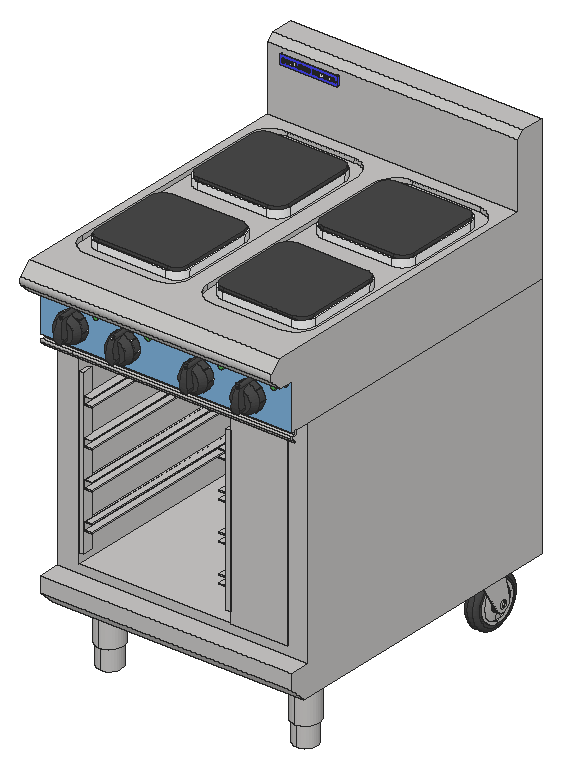
Revit family "QF_Moffat_E514S-CB_Electric_Cooktop_cat", category Specialty Equipment, Revit 2019 (continued)
Definition of nested family "QF_LOGO_BLue Seal"
  Forms (mm)
    Extrusion 2, solid
      sketch origin (0, 0, 0) x (1, 0, 0) y (0, 0, 1)
        loop
          line (106.404, 14.317) -> (106.404, 8.169)
          arc (106.404, 8.169) -> (106.697, 7.461) -> (107.404, 7.169) r 1
          line (107.404, 7.169) -> (111.34, 7.169)
          arc (111.34, 7.169) -> (112.047, 7.461) -> (112.34, 8.169) r 1
          line (112.34, 8.169) -> (112.34, 9.135) -> (115.1, 9.135) -> (115.1, 8.169)
          arc (115.1, 8.169) -> (115.393, 7.461) -> (116.1, 7.169) r 1
          line (116.1, 7.169) -> (119.975, 7.169)
        loop
          arc (122.692, 8.169) -> (122.985, 7.461) -> (123.692, 7.169) r 1
          line (123.692, 7.169) -> (133.067, 7.169)
          arc (133.067, 7.169) -> (134.076, 8.178) -> (133.067, 9.188) r 1.01
          line (133.067, 9.188) -> (128.479, 9.188) -> (128.479, 14.317)
          arc (128.479, 14.317) -> (128.186, 15.024) -> (127.479, 15.317) r 1
          line (127.479, 15.317) -> (123.692, 15.317)
          arc (123.692, 15.317) -> (122.985, 15.024) -> (122.692, 14.317) r 1
          line (122.692, 14.317) -> (122.692, 8.169)
        loop
          line (8.019, 7.227) -> (8.019, 15.172)
          arc (8.019, 15.172) -> (4.133, 11.2) -> (8.019, 7.227) r 3.973
      from 0 to 3.2
    Extrusion 3, solid
      sketch origin (0, 0, 0) x (1, 0, 0) y (0, 0, 1)
        loop
          line (8.289, 15.169) -> (8.289, 7.231)
          arc (8.289, 7.231) -> (12.08, 11.2) -> (8.289, 15.169) r 3.973
      from 0 to 3.2
    Extrusion 4, solid
      sketch origin (16.271, 0, 0) x (-1, 0, 0) y (0, 0, -1)
        loop
          arc (8.252, -15.172) -> (12.138, -11.2) -> (8.252, -7.227) r 3.973
          line (8.252, -7.227) -> (8.252, -15.172)
      from 0 to 3.2
  Dimensions and locks
    equal spacing: plane 3 "LEFT", plane 7 "Center Y", plane 4 "RIGHT"
    "Length": plane 3 "LEFT" to plane 4 "RIGHT"
    equal spacing: plane 5 "FRONT", plane 8 "Center X", plane 1 "BACK"
    "Depth": plane 5 "FRONT" to plane 1 "BACK"
    "Height": plane 6 "TOP" to level
    plane 4 "RIGHT" to plane 3 "LEFT" = 138 mm
    aligned and locked: level to plane 2
  Automatic sketch dimensions
    Extrusion 1 sketch curve to Extrusion 1 sketch curve = 0 mm  (x12)
    Extrusion 1 sketch curve to plane 3 "LEFT" = 0 mm
    Extrusion 1 sketch curve to level = 0 mm
    Extrusion 1 sketch curve to plane 6 "TOP" = 0 mm
    plane 4 "RIGHT" to Extrusion 1 sketch curve = 0 mm
    plane 3 "LEFT" to Extrusion 1 sketch curve = 2 mm
    Extrusion 1 sketch curve to Extrusion 1 sketch curve = 2 mm
    plane 3 "LEFT" to Extrusion 1 sketch curve = 8.135 mm
    Extrusion 1 sketch curve to Extrusion 1 sketch curve = 7.524 mm
    Extrusion 1 sketch curve to Extrusion 1 sketch curve = 0.965 mm
    Extrusion 1 sketch curve to Extrusion 1 sketch curve = 1 mm  (x22)
    Extrusion 1 sketch curve to Extrusion 1 sketch curve = 4.503 mm
    Extrusion 1 sketch curve to Extrusion 1 sketch curve = 2.434 mm  (x2)
    Extrusion 1 sketch curve to Extrusion 1 sketch curve = 4.362 mm
    Extrusion 1 sketch curve to Extrusion 1 sketch curve = 3.517 mm
    Extrusion 1 sketch curve to Extrusion 1 sketch curve = 3.787 mm  (x2)
    Extrusion 1 sketch curve to Extrusion 1 sketch curve = 4.787 mm
    Extrusion 1 sketch curve to Extrusion 1 sketch curve = 4.588 mm
    Extrusion 1 sketch curve to Extrusion 1 sketch curve = 1.798 mm
    Extrusion 1 sketch curve to Extrusion 1 sketch curve = 1.956 mm  (x2)
    Extrusion 1 sketch curve to Extrusion 1 sketch curve = 3.735 mm
    Extrusion 1 sketch curve to Extrusion 1 sketch curve = 3.779 mm
    Extrusion 1 sketch curve to Extrusion 1 sketch curve = 1.146 mm
    Extrusion 1 sketch curve to Extrusion 1 sketch curve = 3.631 mm
    Extrusion 1 sketch curve to Extrusion 1 sketch curve = 3.713 mm
    Extrusion 1 sketch curve to Extrusion 1 sketch curve = 0.959 mm
    Extrusion 1 sketch curve to Extrusion 1 sketch curve = 1.688 mm
    Extrusion 1 sketch curve to plane 7 "Center Y" = 3.94 mm
    plane 7 "Center Y" to Extrusion 1 sketch curve = 0.777 mm
    plane 7 "Center Y" to Extrusion 1 sketch curve = 0.845 mm
    plane 7 "Center Y" to Extrusion 1 sketch curve = 0.988 mm
    Extrusion 1 sketch curve to Extrusion 1 sketch curve = 7.327 mm
    Extrusion 1 sketch curve to Extrusion 1 sketch curve = 4.556 mm
    Extrusion 1 sketch curve to Extrusion 1 sketch curve = 3.087 mm
    Extrusion 1 sketch curve to Extrusion 1 sketch curve = 4.657 mm  (x2)
    Extrusion 1 sketch curve to Extrusion 1 sketch curve = 0.004 mm
    Extrusion 1 sketch curve to Extrusion 1 sketch curve = 0.996 mm  (x2)
    Extrusion 1 sketch curve to Extrusion 1 sketch curve = 1.402 mm
    Extrusion 1 sketch curve to Extrusion 1 sketch curve = 5.025 mm
    Extrusion 1 sketch curve to Extrusion 1 sketch curve = 4.717 mm
    Extrusion 1 sketch curve to Extrusion 1 sketch curve = 4.785 mm
    Extrusion 1 sketch curve to Extrusion 1 sketch curve = 0.211 mm
    Extrusion 1 sketch curve to Extrusion 1 sketch curve = 2.645 mm
    Extrusion 1 sketch curve to Extrusion 1 sketch curve = 3.936 mm
    Extrusion 1 sketch curve to Extrusion 1 sketch curve = 0.5 mm  (x2)
    Extrusion 1 sketch curve to Extrusion 1 sketch curve = 1.76 mm
    Extrusion 1 sketch curve to Extrusion 1 sketch curve = 2.76 mm
    Extrusion 1 sketch curve to Extrusion 1 sketch curve = 4.875 mm
    Extrusion 1 sketch curve to Extrusion 1 sketch curve = 3.875 mm
    Extrusion 1 sketch curve to Extrusion 1 sketch curve = 1.717 mm
    plane 4 "RIGHT" to Extrusion 1 sketch curve = 4.933 mm
    plane 4 "RIGHT" to Extrusion 1 sketch curve = 2 mm  (x2)
    level to Extrusion 1 sketch curve = 7.169 mm  (x5)
    Extrusion 1 sketch curve to Extrusion 1 sketch curve = 5.169 mm
    Extrusion 1 sketch curve to Extrusion 1 sketch curve = 0.983 mm  (x2)
    Extrusion 1 sketch curve to Extrusion 1 sketch curve = 1.01 mm  (x2)
    Extrusion 1 sketch curve to Extrusion 1 sketch curve = 0.376 mm
    Extrusion 1 sketch curve to Extrusion 1 sketch curve = 0.588 mm
    Extrusion 1 sketch curve to Extrusion 1 sketch curve = 0.966 mm
    Extrusion 1 sketch curve to Extrusion 1 sketch curve = 2.037 mm  (x2)
    Extrusion 1 sketch curve to Extrusion 1 sketch curve = 0.772 mm  (x2)
    Extrusion 1 sketch curve to Extrusion 1 sketch curve = 0.952 mm
    Extrusion 1 sketch curve to Extrusion 1 sketch curve = 1.046 mm
    Extrusion 1 sketch curve to Extrusion 1 sketch curve = 1.28 mm  (x2)
    Extrusion 1 sketch curve to Extrusion 1 sketch curve = 1.878 mm
    Extrusion 1 sketch curve to Extrusion 1 sketch curve = 2.905 mm
    Extrusion 1 sketch curve to Extrusion 1 sketch curve = 3.031 mm
    Extrusion 1 sketch curve to Extrusion 1 sketch curve = 0.84 mm  (x2)
    Extrusion 1 sketch curve to Extrusion 1 sketch curve = 2.448 mm
    Extrusion 1 sketch curve to Extrusion 1 sketch curve = 2.202 mm
    Extrusion 1 sketch curve to Extrusion 1 sketch curve = 0.786 mm
    Extrusion 1 sketch curve to Extrusion 1 sketch curve = 1.332 mm
    Extrusion 1 sketch curve to Extrusion 1 sketch curve = 1.12 mm  (x2)
    Extrusion 1 sketch curve to Extrusion 1 sketch curve = 1.716 mm
    Extrusion 1 sketch curve to Extrusion 1 sketch curve = 1.051 mm  (x2)
    Extrusion 1 sketch curve to Extrusion 1 sketch curve = 4.147 mm
    Extrusion 1 sketch curve to Extrusion 1 sketch curve = 5.129 mm
    Extrusion 1 sketch curve to Extrusion 1 sketch curve = 0.051 mm
    Extrusion 1 sketch curve to Extrusion 1 sketch curve = 1.037 mm
    Extrusion 1 sketch curve to Extrusion 1 sketch curve = 0.516 mm
    plane 3 "LEFT" to Extrusion 1 sketch curve = 3.555 mm
    Extrusion 2 sketch curve to Extrusion 2 sketch curve = 0 mm  (x16)
    plane 3 "LEFT" to Extrusion 2 sketch curve = 8.019 mm
    Extrusion 2 sketch curve to Extrusion 2 sketch curve = 0.088 mm
    Extrusion 2 sketch curve to Extrusion 2 sketch curve = 0.029 mm
    Extrusion 2 sketch curve to Extrusion 2 sketch curve = 0.27 mm
    Extrusion 2 sketch curve to Extrusion 2 sketch curve = 7.371 mm
    Extrusion 2 sketch curve to Extrusion 2 sketch curve = 0.965 mm
    Extrusion 2 sketch curve to Extrusion 2 sketch curve = 1 mm  (x24)
    Extrusion 2 sketch curve to Extrusion 2 sketch curve = 4.503 mm
    Extrusion 2 sketch curve to Extrusion 2 sketch curve = 2.434 mm
    Extrusion 2 sketch curve to Extrusion 2 sketch curve = 4.362 mm
    Extrusion 2 sketch curve to Extrusion 2 sketch curve = 3.517 mm
    Extrusion 2 sketch curve to Extrusion 2 sketch curve = 3.787 mm  (x2)
    Extrusion 2 sketch curve to Extrusion 2 sketch curve = 4.787 mm  (x2)
    Extrusion 2 sketch curve to Extrusion 2 sketch curve = 4.588 mm  (x2)
    Extrusion 2 sketch curve to Extrusion 2 sketch curve = 1.798 mm
    Extrusion 2 sketch curve to Extrusion 2 sketch curve = 1.956 mm
    Extrusion 2 sketch curve to Extrusion 2 sketch curve = 3.735 mm
    Extrusion 2 sketch curve to Extrusion 2 sketch curve = 1.146 mm
    Extrusion 2 sketch curve to Extrusion 2 sketch curve = 3.631 mm
    Extrusion 2 sketch curve to Extrusion 2 sketch curve = 3.713 mm
    Extrusion 2 sketch curve to Extrusion 2 sketch curve = 0.959 mm
    Extrusion 2 sketch curve to Extrusion 2 sketch curve = 1.688 mm
    Extrusion 2 sketch curve to plane 7 "Center Y" = 3.94 mm
    plane 7 "Center Y" to Extrusion 2 sketch curve = 0.777 mm
    plane 7 "Center Y" to Extrusion 2 sketch curve = 0.845 mm
    plane 7 "Center Y" to Extrusion 2 sketch curve = 0.988 mm
    Extrusion 2 sketch curve to Extrusion 2 sketch curve = 7.327 mm
    Extrusion 2 sketch curve to Extrusion 2 sketch curve = 4.556 mm
    Extrusion 2 sketch curve to Extrusion 2 sketch curve = 3.087 mm
    Extrusion 2 sketch curve to Extrusion 2 sketch curve = 4.657 mm  (x2)
    Extrusion 2 sketch curve to Extrusion 2 sketch curve = 0.004 mm
    Extrusion 2 sketch curve to Extrusion 2 sketch curve = 0.996 mm
    Extrusion 2 sketch curve to Extrusion 2 sketch curve = 1.402 mm
    Extrusion 2 sketch curve to Extrusion 2 sketch curve = 5.025 mm
    Extrusion 2 sketch curve to Extrusion 2 sketch curve = 4.717 mm
    Extrusion 2 sketch curve to Extrusion 2 sketch curve = 4.785 mm
    Extrusion 2 sketch curve to Extrusion 2 sketch curve = 0.211 mm
    Extrusion 2 sketch curve to Extrusion 2 sketch curve = 2.578 mm
    Extrusion 2 sketch curve to Extrusion 2 sketch curve = 3.936 mm
    Extrusion 2 sketch curve to Extrusion 2 sketch curve = 0.5 mm  (x2)
    Extrusion 2 sketch curve to Extrusion 2 sketch curve = 1.76 mm
    Extrusion 2 sketch curve to Extrusion 2 sketch curve = 2.76 mm
    Extrusion 2 sketch curve to Extrusion 2 sketch curve = 3.875 mm
    Extrusion 2 sketch curve to Extrusion 2 sketch curve = 4.875 mm
    Extrusion 2 sketch curve to Extrusion 2 sketch curve = 1.717 mm
    level to Extrusion 2 sketch curve = 7.169 mm  (x6)
    level to Extrusion 2 sketch curve = 7.227 mm
    Extrusion 2 sketch curve to Extrusion 2 sketch curve = 0.003 mm
    Extrusion 2 sketch curve to Extrusion 2 sketch curve = 0.983 mm  (x2)
    Extrusion 2 sketch curve to Extrusion 2 sketch curve = 1.01 mm  (x2)
    Extrusion 2 sketch curve to Extrusion 2 sketch curve = 1.376 mm
    Extrusion 2 sketch curve to Extrusion 2 sketch curve = 0.588 mm
    Extrusion 2 sketch curve to Extrusion 2 sketch curve = 0.966 mm
    Extrusion 2 sketch curve to Extrusion 2 sketch curve = 2.037 mm  (x2)
    Extrusion 2 sketch curve to Extrusion 2 sketch curve = 0.772 mm  (x2)
    Extrusion 2 sketch curve to Extrusion 2 sketch curve = 1.539 mm
    Extrusion 2 sketch curve to Extrusion 2 sketch curve = 0.961 mm
    Extrusion 2 sketch curve to Extrusion 2 sketch curve = 1.28 mm  (x2)
    Extrusion 2 sketch curve to Extrusion 2 sketch curve = 1.878 mm
    Extrusion 2 sketch curve to Extrusion 2 sketch curve = 2.905 mm
    Extrusion 2 sketch curve to Extrusion 2 sketch curve = 3.969 mm
    Extrusion 2 sketch curve to Extrusion 2 sketch curve = 0.84 mm  (x2)
    Extrusion 2 sketch curve to Extrusion 2 sketch curve = 2.448 mm
    Extrusion 2 sketch curve to Extrusion 2 sketch curve = 2.202 mm
    Extrusion 2 sketch curve to Extrusion 2 sketch curve = 2.222 mm
    Extrusion 2 sketch curve to Extrusion 2 sketch curve = 1.332 mm
    Extrusion 2 sketch curve to Extrusion 2 sketch curve = 1.12 mm  (x2)
    Extrusion 2 sketch curve to Extrusion 2 sketch curve = 0.929 mm
    Extrusion 2 sketch curve to Extrusion 2 sketch curve = 1.051 mm  (x2)
    Extrusion 2 sketch curve to Extrusion 2 sketch curve = 5.129 mm  (x2)
    Extrusion 2 sketch curve to Extrusion 2 sketch curve = 4.147 mm
    Extrusion 2 sketch curve to Extrusion 2 sketch curve = 0.516 mm
    plane 3 "LEFT" to Extrusion 2 sketch curve = 3.555 mm
    plane 3 "LEFT" to Extrusion 3 sketch curve = 8.107 mm
    Extrusion 3 sketch curve to Extrusion 3 sketch curve = 0.182 mm
    level to Extrusion 3 sketch curve = 7.231 mm
    Extrusion 3 sketch curve to Extrusion 3 sketch curve = 3.969 mm
    Extrusion 4 sketch curve to plane 3 "LEFT" = 8.107 mm
    Extrusion 4 sketch curve to Extrusion 4 sketch curve = 0.088 mm
    Extrusion 4 sketch curve to level = 7.227 mm
    Extrusion 4 sketch curve to Extrusion 4 sketch curve = 3.972 mm
Definition of nested family "6 INCHES 02_CASTER"
  Parameters (values of type "6 INCHES 02_CASTER")
    Weight = ""
    URL Manufacturer = ""
    URL Cutsheet = ""
    URL = ""
    Type Mark [instance] = ""
    Specification by User [instance] = ""
    Specification by Manufacturer = ""
    Show Casters [instance] = yes
    Serial Number = ""
    Seismic Rating = ""
    SMACNA No = ""
    Revision Code [instance] = ""
    Omniclass Number and Title = ""
    NAFEM Spec ID Number = ""
    Model = ""
    MasterSpec. = ""
    Manufacturer = ""
    Item Number [instance] = ""
    Installed By [instance] = ""
    Identify Quantity as Lot [instance] = yes
    Furnished By [instance] = ""
    Foodservice Equipment Identifier [instance] = yes
    Description = ""
    CSI MasterFormat = ""
    CSI Master Format = ""
  Reference planes
    plane 1 "BACK": y = 0
    plane 2: z = 0
    plane 3 "LEFT": x = 0
    plane 4 "RIGHT": x = 0
    plane 5 "FRONT": y = 0
    plane 6 "TOP": z = 150
  Forms (mm)
    Revolve 1, solid, visible <- "Show Casters"
      sketch origin (-56.335, 0, -6.35) x (-1, 0, 0) y (0, 0, 1)
        loop
          line (-56.335, 152.4) -> (-56.335, 141.118) -> (-23.798, 141.118) -> (-23.798, 152.4) -> (-56.335, 152.4)
        axis (-56.335, 141.118) -> (-56.335, 152.4)
      angle from 0 to 360
    Extrusion 2, solid, visible <- "Show Casters"
      sketch origin (6.501, 53.083, -4.762) x (0, 1, 0) y (0, 0, 1)
        loop
          line (-85.799, 139.531) -> (-85.799, 133.181) -> (-42.478, 58.614)
          arc (-42.478, 58.614) -> (-16.638, 50.199) -> (-6.442, 75.39) r 19.923
          line (-6.442, 75.39) -> (-20.366, 139.531) -> (-85.799, 139.531)
      from 20.058 to 22.923
    Extrusion 3, solid, visible <- "Show Casters"
      sketch origin (0, 0, 146.05) x (0, 1, 0) y (-1, 0, 0)
        loop
          circle (0, 0) r 19.05
      from 0 to 3.95
    Extrusion 4, solid, visible <- "Show Casters"
      sketch origin (-6.501, 53.083, -4.762) x (0, 1, 0) y (0, 0, -1)
        loop
          line (-85.799, -133.181) -> (-85.799, -139.531) -> (-20.366, -139.531) -> (-6.442, -75.39)
          arc (-6.442, -75.39) -> (-16.638, -50.199) -> (-42.478, -58.614) r 19.923
          line (-42.478, -58.614) -> (-85.799, -133.181)
      from 20.058 to 22.923
    Extrusion 5, solid, visible <- "Show Casters"
      sketch origin (0, -3.253, 19.05) x (0, 1, 0) y (0, 0, 1)
        loop
          line (-29.464, 115.718) -> (-29.464, 109.368) -> (35.969, 109.368) -> (35.969, 115.718) -> (-29.464, 115.718)
      from -26.559 to 26.559
    Revolve 6, solid, visible <- "Show Casters"
      sketch origin (-49.213, 28.39, -3.252) x (1, 0, 0) y (0, 0, 1)
        loop
          line (14.841, 65.192) -> (14.841, 61.686) -> (16.111, 60.416) -> (17.635, 60.416) -> (17.635, 56.97) -> (29.782, 56.97) -> (29.782, 46.925) -> (33.069, 45.027) -> (36.232, 25.477) -> (32.544, 25.477) -> (32.544, 19.127) -> (33.338, 19.127) -> (33.338, 12.777)
          arc (33.338, 12.777) -> (36.127, 6.041) -> (42.863, 3.252) r 9.525
          line (42.863, 3.252) -> (55.563, 3.252)
          arc (55.563, 3.252) -> (62.298, 6.041) -> (65.088, 12.777) r 9.525
          line (65.088, 12.777) -> (65.088, 19.127) -> (65.881, 19.127) -> (65.881, 25.477) -> (62.193, 25.477) -> (65.371, 45.116) -> (68.644, 47.006) -> (68.644, 56.97) -> (80.79, 56.97) -> (80.79, 60.416) -> (82.314, 60.416) -> (83.584, 61.686) -> (83.584, 65.192) -> (14.841, 65.192)
        axis (14.841, 65.192) -> (83.584, 65.192)
      angle from 0 to 360
  Cuts and joins
    joined: Extrusion 2, Extrusion 4, Extrusion 5
  Lines and regions (mm)
    symbolic lines, visible <- "Show Casters"
      curve 1: line (11.652, 51.878, 0) -> (39.148, 36.003, 0)
      curve 2: line (-39.148, -36.11, 0) -> (-20.098, -3.115, 0)
      curve 3: line (-11.652, -51.985, 0) -> (-39.148, -36.11, 0)
      curve 4: line (39.148, 36.003, 0) -> (20.098, 3.007, 0)
      curve 5: line (-7.398, 18.882, 0) -> (11.652, 51.878, 0)
      curve 6: line (7.398, -18.99, 0) -> (-11.652, -51.985, 0)
  Dimensions and locks
    plane 6 "TOP" to level = 150 mm  (x2)
    aligned and locked: level to plane 2
